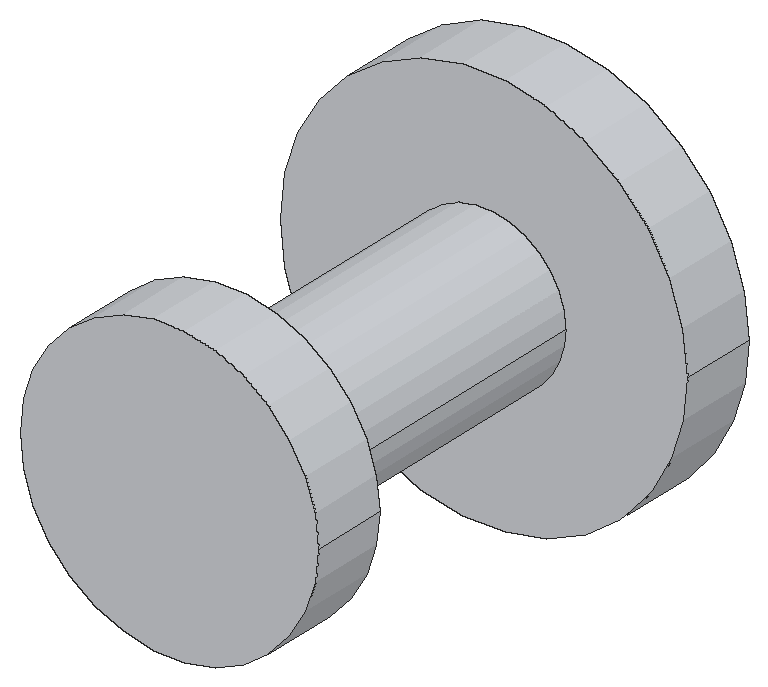
Revit family
Reference planes (in)
  plane 1 "Center (Front/Back)": y = 0
  plane 2: z = 0
  plane 3 "Center (Left/Right)": x = 0
  plane 4: z = 54
Forms (in)
  Extrusion 1, solid
    sketch origin (0, 0, 0) x (1, 0, 0) y (0, 0, -1)
      loop
        circle (0, -54) r 0.9375
    from 0 to -0.35049
  Extrusion 2, solid
    sketch origin (0, 0, 0) x (1, 0, 0) y (0, 0, -1)
      loop
        circle (0, -54) r 0.375
    from -1.81259 to -0.35049
  Extrusion 3, solid
    sketch origin (0, 0, 0) x (1, 0, 0) y (0, 0, -1)
      loop
        circle (0, -54) r 0.6875
    from -2.16308 to -1.81259
Lines and regions (in)
  symbolic lines
    curve 1: line (-0.9375, 0, 0) -> (-0.9375, -0.35049, 0)
    curve 2: line (-0.9375, -0.35049, 0) -> (0.9375, -0.35049, 0)
    curve 3: line (0.9375, -0.35049, 0) -> (0.9375, 0, 0)
    curve 4: line (-0.375, -1.81259, 0) -> (-0.375, -0.35049, 0)
    curve 5: line (0.375, -1.81259, 0) -> (0.375, -0.35049, 0)
    curve 6: line (-0.6875, -1.81259, 0) -> (0.6875, -1.81259, 0)
    curve 7: line (0.6875, -1.81259, 0) -> (0.6875, -2.16308, 0)
    curve 8: line (0.6875, -2.16308, 0) -> (-0.6875, -2.16308, 0)
    curve 9: line (-0.6875, -2.16308, 0) -> (-0.6875, -1.81259, 0)
